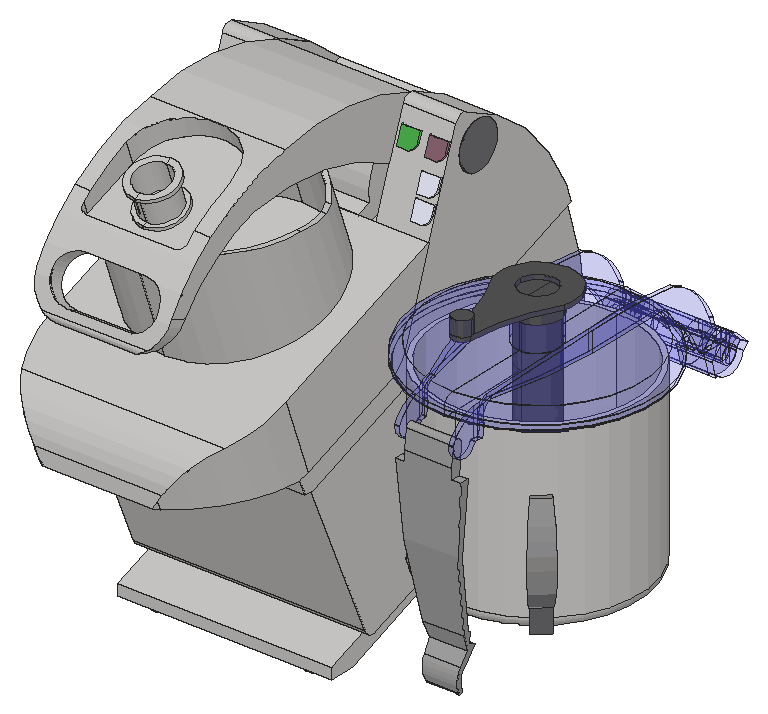
Revit family "QF_ELECTROLUXPROFESSIONAL_600486_TRK55YI", category Specialty Equipment, Revit 2018 (continued)
Definition of nested family "QF_600541_BOWL"
  Lines and regions (mm)
    symbolic lines
      curve 49: line (-71.073, 171.51, 0) -> (-71.073, 49.783, 0)
      curve 50: arc (40.771, 54.948, 0) -> (114.476, -69.566, 0) -> (21.15, -180.138, 0) r 124.909
      curve 51: arc (-60.771, 41.751, 0) -> (-122.562, -68.863, 0) -> (-42.781, -167.295, 0) r 112.979
      curve 52: line (93.154, -162.392, 0) -> (78.293, -147.531, 0)
      curve 53: line (93.154, -162.392, 0) -> (74.048, -178.424, 0)
      curve 54: line (74.048, -178.424, 0) -> (61.96, -161.274, 0)
      curve 55: arc (-37.781, -168.686, 0) -> (-23.999, -171.284, 0) -> (-10, -172.155, 0) r 112.979
      curve 56: arc (-41.15, -180.138, 0) -> (-94.625, -151.05, 0) -> (-128, -100.142, 0) r 124.909
      curve 57: arc (22.781, -167.295, 0) -> (102.562, -68.863, 0) -> (40.771, 41.751, 0) r 112.979
      curve 58: arc (16.15, -181.317, 0) -> (3.148, -183.391, 0) -> (-10, -184.085, 0) r 124.909
      curve 59: line (16.15, -211, 0) -> (16.15, -177.864, 0)
      curve 60: line (-36.15, -211, 0) -> (-36.15, -177.864, 0)
      curve 61: line (-41.15, -211, 0) -> (21.15, -211, 0)
      curve 62: line (22.008, -210.888, 0) -> (22.008, -197.61, 0)
      curve 63: spline (-42.008, -197.61, 0) -> (-41.937, -197.617, 0) -> (-41.865, -197.622, 0) -> (-41.794, -197.626, 0) -> (-41.722, -197.627, 0) -> (-41.651, -197.627, 0) -> (-41.579, -197.625, 0) -> (-41.508, -197.621, 0) -> (-41.436, -197.615, 0) -> (-41.365, -197.608, 0) -> (-41.293, -197.598, 0) -> (-41.222, -197.587, 0) -> (-41.15, -197.574, 0)
      curve 64: line (-42.008, -210.888, 0) -> (-42.008, -197.61, 0)
      curve 65: arc (-128, -18.211, 0) -> (-101.973, 25.34, 0) -> (-60.771, 54.948, 0) r 124.909
      curve 66: arc (-128, -100.142, 0) -> (-134.909, -59.177, 0) -> (-128, -18.211, 0) r 124.909
      curve 67: line (-108, -177.764, 0) -> (-49.233, -177.764, 0)
      curve 68: line (-128, 191, 0) -> (-128, -17.764, 0)
      curve 69: line (29.233, -177.764, 0) -> (108, -177.764, 0)
      curve 70: line (-128, -97.764, 0) -> (-128, -157.764, 0)
      curve 71: line (-108, 211, 0) -> (108, 211, 0)
      curve 72: arc (-128, -157.764, 0) -> (-122.142, -171.906, 0) -> (-108, -177.764, 0) r 20
      curve 73: arc (108, -177.764, 0) -> (122.142, -171.906, 0) -> (128, -157.764, 0) r 20
      curve 74: arc (128, 191, 0) -> (122.142, 205.142, 0) -> (108, 211, 0) r 20
      curve 75: arc (-108, 211, 0) -> (-122.142, 205.142, 0) -> (-128, 191, 0) r 20
      curve 76: line (45.852, 123.86, 0) -> (-71.073, 123.86, 0)
      curve 77: line (45.852, 137.378, 0) -> (-65.852, 137.378, 0)
      curve 78: line (45.852, 143.082, 0) -> (-65.852, 143.082, 0)
      curve 79: line (53.607, 123.86, 0) -> (45.852, 123.86, 0)
      curve 80: line (45.852, 123.86, 0) -> (45.852, 170.216, 0)
      curve 81: line (45.852, 170.216, 0) -> (-65.852, 170.216, 0)
      curve 82: line (-65.852, 170.216, 0) -> (-65.852, 123.86, 0)
      curve 83: line (102.599, 101.361, 0) -> (117.599, 101.361, 0)
  Dimensions and locks
    plane 4 "TOP" to level = 705.4 mm  (x2)
    plane 7 "LEFT" to plane 3 "Center (Left/Right)" to plane 8 "RIGHT" = 128 mm, 128 mm
    plane 6 "BACK" to plane 1 "Center (Front/Back)" to plane 5 "FRONT" = 211 mm, 211 mm
    plane 6 "BACK" to plane 5 "FRONT" = 422 mm
    plane 7 "LEFT" to plane 8 "RIGHT" = 256 mm
    plane 9 "CenterX" to plane 3 "Center (Left/Right)" = 10 mm
    plane 12 to level = 510 mm
    aligned and locked: level to plane 2
    aligned and locked: Extrusion 5 to cut or joined group of Extrusion 8, Extrusion 9, Extrusion 11, Extrusion 20
